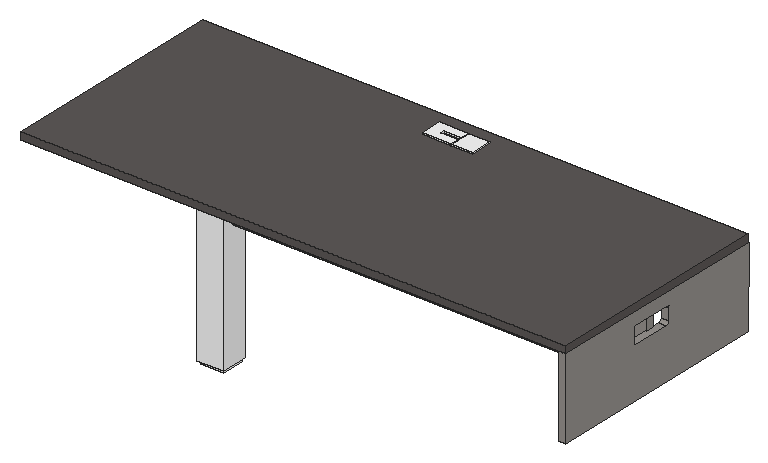
Revit family "Desk-Low_Secondary-Teknion-B_MPG-Run-Off_WS_with_End_Support-R2015", category Furniture, Revit 2015
Parameters (values of type "1" Thick")
  Worksurface Finish [instance] = Veneer - Teknion - VB - Flintwood - Black Walnut
  Width [instance] = 72.000"
  Warranty = "http://www.teknion.com/ca/papers/legal-canada"
  Unit Weight URL = "http://www.teknion.com/ca/tools/assets#&asset=bee6a381-b954-425e-8283-5a2de3a804f2,f828d448-4b62-4231-9e5f-9a8991c0ed77"
  URL = "www.teknion.com"
  Thickness = 1.026"
  Sustainability Data = "http://www.teknion.com/ca/tools/assets#&topic=216f99a5-57a0-44fc-b10a-9dee9b29ae4c&asset=444deb64-fe58-4b68-981e-f75e97781df7"
  Support Frame Finish [instance] = Mica - Teknion - V - Satin - Very White
  Series = "Expansion Casegoods"  # constant formula
  Product Page URL = "http://www.teknion.com/ca/products/product-details?productlineid=0053336e-8e7a-673b-a6c8-ff00004460c4"
  Product Line = "Expansion Casegoods"  # constant formula
  Product Documentation Link = "http://www.teknion.com/pricing/expansion-casegoods/pdfs/B_MPG_ppg.pdf"
  Part Number = "B_MPG"
  Note [instance] = "Available Depths are 24, 30, 36. Available widths range from 60 to 90 in 6 inch increments."  # constant formula
  Modesty Panel Finish [instance] = Source Laminate - Teknion - DE - Latte
  Model = "BDMPGQ__CNN"
  Manufacturer Phone = "416-661-3370"  # constant formula
  Manufacturer Fax = "416.661.4586"  # constant formula
  Manufacturer Contact Information = "http://www.teknion.com/ca/contactus"
  Manufacturer Address = "1150 Flint Road, Toronto, ON. M3J 2J5. Canada"  # constant formula
  Manufacturer = "Teknion"  # constant formula
  Height = 28.811"
  Has Left/Right Rectangular Grommet [instance] = no
  Has Central Square Post [instance] = yes
  Has End of Worksurface Rectangular Grommet [instance] = no
  Has Centered Rectangular Grommet [instance] = yes
  Grommet Finish [instance] = Mica - Teknion - V - Satin - Very White
  Description = "Run-Off Worksurface with End Support – Low Secondary Desk, 1\" Thick"
  Depth [instance] = 30.000"
  Configuration Note [instance] = "Please select one of the following."  # constant formula
  Assembly Code = "E2020200"
Types (3): name | Worksurface Finish | Width | Thickness | Modesty Panel Finish | Model | Has Left/Right Rectangular Grommet | Has End of Worksurface Rectangular Grommet | Description | Depth
  1-3/16" Thick | Source Laminate - Teknion - XS - Storm White | 72.000" | 1.18898" | Source Laminate - Teknion - XS - Storm White | "BMMPGQ__CNN" | no | no | "Run-Off Worksurface with End Support – Low Secondary Desk, 1-3/16\" Thick" | 36.000"
  1" Thick | Veneer - Teknion - VB - Flintwood - Black Walnut | 72.000" | 1.026" | Source Laminate - Teknion - DE - Latte | "BDMPGQ__CNN" | no | no | "Run-Off Worksurface with End Support – Low Secondary Desk, 1\" Thick" | 30.000"
  1-9/16" Thick | Source Laminate - Teknion - XS - Storm White | 90.000" | 1.555" | Source Laminate - Teknion - XS - Storm White | "BXMPGQ__CNN" | yes | yes | "Run-Off Worksurface with End Support – Low Secondary Desk, 1-9/16\" Thick" | 30.000"
Reference planes (in)
  plane 1 "Center Front/Back": y = 0
  plane 2: z = 0
  plane 3 "Center Left/Right": x = 6
  plane 4 "Left": x = -30
  plane 5 "Right": x = 42
  plane 6 "Back": y = 15
  plane 7 "Front": y = -15
  plane 8 "Top": z = 28.811
  plane 9: z = 27.785
  plane 10: z = 28.96848
  plane 11: y = 0.50787
  plane 12: y = -0.50787
  plane 13: x = -15.188
  plane 14: z = 27.411
  plane 15: z = 17.21415
  plane 16: x = 40.98425
  plane 17: z = 0.41339
  plane 18: y = 0.66487
Forms (in)
  Extrusion 1, solid, material "Veneer - Teknion - VB - Flintwood - Black Walnut" <- "Worksurface Finish"
    sketch origin (0, 0, 0) x (1, 0, 0) y (0, 1, 0)
      loop
        line (-30, 15) -> (-30, -15) -> (42, -15) -> (42, 15) -> (-30, 15)
    from 27.785 to 28.811
  Extrusion 2, solid, material "Mica - Teknion - V - Satin - Very White" <- "Grommet Finish", visible <- "Has End of Worksurface Rectangular Grommet"
    sketch origin (32.94172, -180, 28.96848) x (0, -1, 0) y (-1, 0, 0)
      loop
        line (-179.52107, -1.79064) -> (-181.79967, -1.79064) -> (-181.79967, -1.36529) -> (-179.52107, -1.36529) -> (-179.52107, -0.15594) -> (-183.32716, -0.15594) -> (-183.32716, -3) -> (-179.52107, -3) -> (-179.52107, -1.79064)
    from 0 to 0.15748
  Extrusion 3, solid, material "Mica - Teknion - V - Satin - Very White" <- "Grommet Finish", visible <- "Has End of Worksurface Rectangular Grommet"
    sketch origin (32.94172, -180, 28.96848) x (0, -1, 0) y (-1, 0, 0)
      loop
        line (-176.67284, -0.15594) -> (-179.52007, -0.15594) -> (-179.52007, -3) -> (-176.67284, -3) -> (-176.67284, -0.15594)
    from 0 to 0.15748
  Extrusion 4, solid, material "Source Laminate - Teknion - DE - Latte" <- "Modesty Panel Finish"
    sketch origin (32.94172, -180, 28.96848) x (0, -1, 0) y (-1, 0, 0)
      loop
        line (-180.50787, 48.12972) -> (-180.50787, -8.04253) -> (-179.49213, -8.04253) -> (-179.49213, 48.12972) -> (-180.50787, 48.12972)
    from 1.55748 to 11.75433
  Extrusion 5, solid, material "Source Laminate - Teknion - DE - Latte" <- "Modesty Panel Finish"
    sketch origin (6, 0, 0) x (0, 1, 0) y (0, 0, 1)
      loop
        line (15, 17.21415) -> (15, 27.785) -> (-15, 27.785) -> (-15, 17.21415) -> (15, 17.21415)
      loop
        line (1.96063, 24.28541) -> (1.96063, 25.82084)
        arc (1.96063, 25.82084) -> (1.83955, 26.11315) -> (1.54724, 26.23423) r 0.41339
        line (1.54724, 26.23423) -> (-3.5315, 26.23423)
        arc (-3.5315, 26.23423) -> (-3.8238, 26.11315) -> (-3.94488, 25.82084) r 0.41339
        line (-3.94488, 25.82084) -> (-3.94488, 24.28541)
        arc (-3.94488, 24.28541) -> (-3.8238, 23.9931) -> (-3.5315, 23.87202) r 0.41339
        line (-3.5315, 23.87202) -> (1.54724, 23.87202)
        arc (1.54724, 23.87202) -> (1.83955, 23.9931) -> (1.96063, 24.28541) r 0.41339
    from 34.98425 to 36
  Extrusion 6, solid, material "Mica - Teknion - V - Satin - Very White" <- "Support Frame Finish", visible <- "Has Central Square Post"
    sketch origin (32.94172, -180, 28.96848) x (0, -1, 0) y (-1, 0, 0)
      loop
        line (-183, 52.25672) -> (-183, 46.25672) -> (-177, 46.25672) -> (-177, 52.25672) -> (-183, 52.25672)
    from 1.18348 to 1.55748
  Extrusion 7, solid, material "Mica - Teknion - V - Satin - Very White" <- "Support Frame Finish", visible <- "Has Central Square Post"
    sketch origin (32.94172, -180, 28.96848) x (0, -1, 0) y (-1, 0, 0)
      loop
        line (-181.77151, 50.24076) -> (-181.77151, 46.69766) -> (-178.2285, 46.69766) -> (-178.2285, 50.24076) -> (-181.77151, 50.24076)
    from 1.55748 to 28.55509
  Extrusion 8, solid, material "Mica - Teknion - V - Satin - Very White" <- "Support Frame Finish", visible <- "Has Central Square Post"
    sketch origin (0, 0, 0) x (1, 0, 0) y (0, 1, 0)
      loop
        line (-17.02745, 1.5) -> (-17.02745, -1.5) -> (-14.02745, -1.5) -> (-14.02745, 1.5) -> (-17.02745, 1.5)
    from 0 to 0.41339
  Extrusion 9, solid, material "Mica - Teknion - V - Satin - Very White" <- "Grommet Finish", visible <- "Has Centered Rectangular Grommet"
    sketch origin (192, 10.27243, 28.96848) x (1, 0, 0) y (0, -1, 0)
      loop
        line (-185.52107, -1.79064) -> (-187.79967, -1.79064) -> (-187.79967, -1.36529) -> (-185.52107, -1.36529) -> (-185.52107, -0.15594) -> (-189.32716, -0.15594) -> (-189.32716, -3) -> (-185.52107, -3) -> (-185.52107, -1.79064)
    from 0 to 0.15748
  Extrusion 10, solid, material "Mica - Teknion - V - Satin - Very White" <- "Grommet Finish", visible <- "Has Centered Rectangular Grommet"
    sketch origin (192, 10.27243, 28.96848) x (1, 0, 0) y (0, -1, 0)
      loop
        line (-182.67284, -0.15594) -> (-185.52007, -0.15594) -> (-185.52007, -3) -> (-182.67284, -3) -> (-182.67284, -0.15594)
    from 0 to 0.15748
  Extrusion 11, solid, material "Mica - Teknion - V - Satin - Very White" <- "Grommet Finish", visible <- "Has Left/Right Rectangular Grommet"
    sketch origin (210, 4.76203, 28.96848) x (1, 0, 0) y (0, -1, 0)
      loop
        line (-185.52107, -1.79064) -> (-187.79967, -1.79064) -> (-187.79967, -1.36529) -> (-185.52107, -1.36529) -> (-185.52107, -0.15594) -> (-189.32716, -0.15594) -> (-189.32716, -3) -> (-185.52107, -3) -> (-185.52107, -1.79064)
    from 0 to 0.15748
  Extrusion 12, solid, material "Mica - Teknion - V - Satin - Very White" <- "Grommet Finish", visible <- "Has Left/Right Rectangular Grommet"
    sketch origin (210, 4.76203, 28.96848) x (1, 0, 0) y (0, -1, 0)
      loop
        line (-182.67284, -0.15594) -> (-185.52007, -0.15594) -> (-185.52007, -3) -> (-182.67284, -3) -> (-182.67284, -0.15594)
    from 0 to 0.15748
  Extrusion 13, solid, material "Mica - Teknion - V - Satin - Very White" <- "Grommet Finish", visible <- "Has Centered Rectangular Grommet"
    sketch origin (0, 0, 0) x (1, 0, 0) y (0, 0, 1)
      loop
        line (9.32716, 27.1968) -> (6.47993, 27.1968) -> (6.47993, 24.35273) -> (9.32716, 24.35273) -> (9.32716, 27.1968)
    from -0.66487 to -0.50787
  Extrusion 14, solid, material "Mica - Teknion - V - Satin - Very White" <- "Grommet Finish", visible <- "Has Centered Rectangular Grommet"
    sketch origin (0, 0, 0) x (1, 0, 0) y (0, 0, 1)
      loop
        line (6.47993, 25.98744) -> (6.47993, 27.1968) -> (2.67284, 27.1968) -> (2.67284, 24.35273) -> (6.47993, 24.35273) -> (6.47993, 25.56209) -> (4.20033, 25.56209) -> (4.20033, 25.98744) -> (6.47993, 25.98744)
    from -0.66487 to -0.50787
  Extrusion 15, solid, material "Mica - Teknion - V - Satin - Very White" <- "Grommet Finish", visible <- "Has Left/Right Rectangular Grommet"
    sketch origin (0, 0, 0) x (1, 0, 0) y (0, 0, 1)
      loop
        line (28.32716, 24.33065) -> (28.32716, 27.17471) -> (25.47993, 27.17471) -> (25.47993, 24.33065) -> (28.32716, 24.33065)
    from -0.66487 to -0.50787
  Extrusion 16, solid, material "Mica - Teknion - V - Satin - Very White" <- "Grommet Finish", visible <- "Has Left/Right Rectangular Grommet"
    sketch origin (0, 0, 0) x (1, 0, 0) y (0, 0, 1)
      loop
        line (25.47893, 25.96535) -> (25.47893, 27.17471) -> (21.67284, 27.17471) -> (21.67284, 24.33065) -> (25.47893, 24.33065) -> (25.47893, 25.54) -> (23.20033, 25.54) -> (23.20033, 25.96535) -> (25.47893, 25.96535)
    from -0.66487 to -0.50787
Lines and regions (in)
  Masking region 1
    outline origin (32.94172, -180, 28.96848) x (0, -1, 0) y (1, 0, 0)
      loop
        line (-195, -62.94172) -> (-165, -62.94172) -> (-165, 9.05828) -> (-195, 9.05828) -> (-195, -62.94172)
  symbolic lines, style "Hidden Lines", detail levels medium+fine
    curve 1: line (40.98425, 0.50787, 28.96848) -> (-15.188, 0.50787, 28.96848)
    curve 2: line (-15.188, 0.50787, 28.96848) -> (-15.188, -0.50787, 28.96848)
    curve 3: line (-15.188, -0.50787, 28.96848) -> (40.98425, -0.50787, 28.96848)
    curve 4: line (40.98425, -15, 28.96848) -> (40.98425, 15, 28.96848)
  symbolic lines, visible <- "Has End of Worksurface Rectangular Grommet"
    curve 5: line (35.94172, 3.32716, 28.96848) -> (33.09765, 3.32716, 28.96848)
    curve 6: line (33.09765, 3.32716, 28.96848) -> (33.09765, -0.47993, 28.96848)
    curve 7: line (34.30701, -0.47993, 28.96848) -> (34.30701, 1.79967, 28.96848)
    curve 8: line (34.30701, 1.79967, 28.96848) -> (34.73236, 1.79967, 28.96848)
    curve 9: line (34.73236, 1.79967, 28.96848) -> (34.73236, -0.47993, 28.96848)
    curve 10: line (35.94172, -0.47993, 28.96848) -> (35.94172, 3.32716, 28.96848)
    curve 11: line (33.09765, -3.32716, 28.96848) -> (35.94172, -3.32716, 28.96848)
    curve 12: line (35.94172, -3.32716, 28.96848) -> (35.94172, -0.47993, 28.96848)
    curve 13: line (35.94172, -0.47993, 28.96848) -> (33.09765, -0.47993, 28.96848)
    curve 14: line (33.09765, -0.47993, 28.96848) -> (33.09765, -3.32716, 28.96848)
  symbolic lines, style "Hidden Lines", detail levels fine
    curve 15: line (42, 1.96063, 28.96848) -> (40.98425, 1.96063, 28.96848)
    curve 16: line (42, -3.94488, 28.96848) -> (40.98425, -3.94488, 28.96848)
  symbolic lines, style "Hidden Lines", visible <- "Has Central Square Post", detail levels medium+fine
    curve 17: line (-19.315, 3, 28.96848) -> (-13.315, 3, 28.96848)
    curve 18: line (-13.315, -3, 28.96848) -> (-13.315, 3, 28.96848)
    curve 19: line (-19.315, -3, 28.96848) -> (-13.315, -3, 28.96848)
    curve 20: line (-19.315, -3, 28.96848) -> (-19.315, 3, 28.96848)
    curve 21: line (-17.29904, 1.77151, 28.96848) -> (-13.75595, 1.77151, 28.96848)
    curve 22: line (-17.29904, -1.7715, 28.96848) -> (-17.29904, 1.77151, 28.96848)
    curve 23: line (-13.75595, -1.7715, 28.96848) -> (-17.29904, -1.7715, 28.96848)
    curve 24: line (-13.75595, 1.77151, 28.96848) -> (-13.75595, -1.7715, 28.96848)
  symbolic lines, visible <- "Has Centered Rectangular Grommet"
    curve 25: line (2.67284, 13.27243, 28.96848) -> (2.67284, 10.42836, 28.96848)
    curve 26: line (2.67284, 10.42836, 28.96848) -> (6.47993, 10.42836, 28.96848)
    curve 27: line (6.47993, 11.63772, 28.96848) -> (4.20033, 11.63772, 28.96848)
    curve 28: line (4.20033, 11.63772, 28.96848) -> (4.20033, 12.06307, 28.96848)
    curve 29: line (4.20033, 12.06307, 28.96848) -> (6.47993, 12.06307, 28.96848)
    curve 30: line (6.47993, 13.27243, 28.96848) -> (2.67284, 13.27243, 28.96848)
    curve 31: line (9.32716, 10.42836, 28.96848) -> (9.32716, 13.27243, 28.96848)
    curve 32: line (9.32716, 13.27243, 28.96848) -> (6.47993, 13.27243, 28.96848)
    curve 33: line (6.47993, 13.27243, 28.96848) -> (6.47993, 10.42836, 28.96848)
    curve 34: line (6.47993, 10.42836, 28.96848) -> (9.32716, 10.42836, 28.96848)
  symbolic lines, visible <- "Has Left/Right Rectangular Grommet"
    curve 35: line (20.67284, 7.76203, 28.96848) -> (20.67284, 4.91797, 28.96848)
    curve 36: line (20.67284, 4.91797, 28.96848) -> (24.47993, 4.91797, 28.96848)
    curve 37: line (24.47993, 6.12733, 28.96848) -> (22.20033, 6.12733, 28.96848)
    curve 38: line (22.20033, 6.12733, 28.96848) -> (22.20033, 6.55267, 28.96848)
    curve 39: line (22.20033, 6.55267, 28.96848) -> (24.47993, 6.55267, 28.96848)
    curve 40: line (24.47993, 7.76203, 28.96848) -> (20.67284, 7.76203, 28.96848)
    curve 41: line (27.32716, 4.91797, 28.96848) -> (27.32716, 7.76203, 28.96848)
    curve 42: line (27.32716, 7.76203, 28.96848) -> (24.47993, 7.76203, 28.96848)
    curve 43: line (24.47993, 7.76203, 28.96848) -> (24.47993, 4.91797, 28.96848)
    curve 44: line (24.47993, 4.91797, 28.96848) -> (27.32716, 4.91797, 28.96848)
  reference lines, not visible
    curve 45: line (-30, 15, 0) -> (42, 15, 0)
    curve 46: line (-30, 15, 0) -> (-30, -15, 0)
    curve 47: line (-30, -15, 0) -> (42, -15, 0)
    curve 48: line (42, 15, 0) -> (42, -15, 0)
Dimensions and locks (in)
  "Width": plane 4 "Left" to plane 5 "Right"
  "Depth": plane 6 "Back" to plane 7 "Front"
  "Height": plane 8 "Top" to level
  equal spacing: plane 4 "Left", plane 3 "Center Left/Right", plane 5 "Right"
  equal spacing: plane 7 "Front", plane 1 "Center Front/Back", plane 6 "Back"
  locked: plane 10 to plane 8 "Top" at 0.15748
  Extrusion 2 sketch curve to Extrusion 2 sketch curve to Extrusion 2 sketch curve to Extrusion 2 sketch curve to plane 5 "Right" = 1.20936" locked, 0.42535" locked, 1.20936" locked, 6.05828" locked
  Extrusion 2 sketch curve to Extrusion 2 sketch curve to plane 1 "Center Front/Back" to Extrusion 2 sketch curve to Extrusion 2 sketch curve = 0.000" locked, 0.47893" locked, 1.79967" locked, 1.52748" locked
  Extrusion 3 sketch curve to Extrusion 3 sketch curve to plane 1 "Center Front/Back" = 2.84723" locked, 0.47993" locked
  Extrusion 3 sketch curve to Extrusion 3 sketch curve to plane 5 "Right" = 2.84406" locked, 6.05828" locked
  plane 12 to plane 1 "Center Front/Back" to plane 11 = 0.50787" locked, 0.50787" locked
  locked: plane 14 to plane 15 at 10.19685
  locked: plane 5 "Right" to plane 16 at 1.01575
  locked: plane 4 "Left" to plane 13 at 14.812
  Extrusion 5 sketch curve to Extrusion 5 sketch curve to Extrusion 5 sketch curve to Extrusion 5 sketch curve to Extrusion 5 sketch curve to Extrusion 5 sketch curve = 0.41339" locked, 0.000" locked, 5.07874" locked, 0.000" locked, 0.41339" locked
  plane 8 "Top" to Extrusion 5 sketch curve to Extrusion 5 sketch curve to Extrusion 5 sketch curve to Extrusion 5 sketch curve to Extrusion 5 sketch curve to Extrusion 5 sketch curve = 2.57677" locked, 0.41339" locked, 0.000" locked, 1.53543" locked, 0.000" locked, 0.41339" locked
  "Thickness": plane 8 "Top" to plane 9
  curve 15 to plane 1 "Center Front/Back" to curve 16 = 1.96063" locked, 3.94488" locked
  locked: plane 4 "Left" to curve 20 at 10.685
  curve 20 to curve 22 to curve 24 to curve 18 = 2.01596" locked, 3.5431" locked, 0.44094" locked
  curve 19 to curve 23 to plane 1 "Center Front/Back" to curve 21 to curve 17 = 1.2285" locked, 1.7715" locked, 1.77151" locked, 1.22849" locked
  locked: plane 9 to plane 14 at 0.374
  locked: plane 17 to plane 2 at 0.41339
  Extrusion 6 sketch curve to plane 1 "Center Front/Back" to Extrusion 6 sketch curve = 3.000" locked, 3.000" locked
  plane 4 "Left" to Extrusion 6 sketch curve to Extrusion 6 sketch curve = 10.685" locked, 6.000" locked
  Extrusion 7 sketch curve to plane 1 "Center Front/Back" to Extrusion 7 sketch curve = 1.7715" locked, 1.77151" locked
  plane 4 "Left" to Extrusion 7 sketch curve to Extrusion 7 sketch curve = 12.70096" locked, 3.5431" locked
  plane 4 "Left" to Extrusion 8 sketch curve to Extrusion 8 sketch curve = 12.97255" locked, 3.000" locked
  Extrusion 8 sketch curve to plane 1 "Center Front/Back" to Extrusion 8 sketch curve = 1.500" locked, 1.500" locked
  Extrusion 9 sketch curve to Extrusion 9 sketch curve to Extrusion 9 sketch curve to Extrusion 9 sketch curve to plane 6 "Back" = 1.20936" locked, 0.42535" locked, 1.20936" locked, 1.72757" locked
  Extrusion 9 sketch curve to Extrusion 9 sketch curve to plane 3 "Center Left/Right" to Extrusion 9 sketch curve to Extrusion 9 sketch curve = 0.000" locked, 0.47893" locked, 1.79967" locked, 1.52748" locked
  Extrusion 10 sketch curve to Extrusion 10 sketch curve to plane 3 "Center Left/Right" = 2.84723" locked, 0.47993" locked
  Extrusion 10 sketch curve to Extrusion 10 sketch curve to plane 6 "Back" = 2.84406" locked, 1.72757" locked
  Extrusion 11 sketch curve to Extrusion 11 sketch curve to Extrusion 11 sketch curve to Extrusion 11 sketch curve to plane 6 "Back" = 1.20936" locked, 0.42535" locked, 1.20936" locked, 7.23797" locked
  plane 5 "Right" to Extrusion 11 sketch curve to Extrusion 11 sketch curve to Extrusion 11 sketch curve to Extrusion 11 sketch curve = 17.52107" locked, 0.000" locked, 2.2786" locked, 1.52748" locked
  plane 5 "Right" to Extrusion 12 sketch curve to Extrusion 12 sketch curve = 14.67284" locked, 2.84723" locked
  Extrusion 12 sketch curve to Extrusion 12 sketch curve to plane 6 "Back" = 2.84406" locked, 7.23797" locked
  Extrusion 14 sketch curve to Extrusion 14 sketch curve to Extrusion 14 sketch curve to Extrusion 14 sketch curve to plane 9 = 1.20936" locked, 0.42535" locked, 1.20936" locked, 0.5882" locked
  Extrusion 14 sketch curve to Extrusion 14 sketch curve to plane 3 "Center Left/Right" to Extrusion 14 sketch curve to Extrusion 14 sketch curve = 0.000" locked, 0.47993" locked, 1.79967" locked, 1.52748" locked
  Extrusion 13 sketch curve to Extrusion 14 to plane 3 "Center Left/Right" = 2.84723" locked, 0.47993" locked
  Extrusion 13 sketch curve to Extrusion 13 sketch curve to plane 14 = 2.84406" locked, 0.2142" locked
  locked: plane 18 to plane 11 at 0.157
  Extrusion 15 sketch curve to Extrusion 15 sketch curve to plane 5 "Right" = 2.84723" locked, 13.67284" locked
  Extrusion 15 sketch curve to Extrusion 15 sketch curve to plane 9 = 2.84406" locked, 0.61029" locked
  Extrusion 16 sketch curve to Extrusion 16 sketch curve to Extrusion 16 sketch curve to Extrusion 16 sketch curve to plane 5 "Right" = 1.52748" locked, 2.2786" locked, 0.000" locked, 16.52107" locked
  Extrusion 16 sketch curve to Extrusion 16 sketch curve to Extrusion 16 sketch curve to Extrusion 16 sketch curve to plane 9 = 1.20936" locked, 0.42535" locked, 1.20936" locked, 0.61029" locked
  aligned and locked: level to plane 2
  aligned and locked: Extrusion 1 sketch curve to plane 4 "Left"
  aligned and locked: Extrusion 1 sketch curve to plane 6 "Back"
  aligned and locked: Extrusion 1 sketch curve to plane 5 "Right"
  aligned and locked: Extrusion 1 sketch curve to plane 7 "Front"
  aligned and locked: Extrusion 1 to plane 8 "Top"
  aligned and locked: Extrusion 1 to plane 9
  aligned and locked: plane 13 to Extrusion 4 sketch curve
  aligned and locked: plane 11 to Extrusion 4 sketch curve
  aligned and locked: plane 12 to Extrusion 4 sketch curve
  aligned and locked: Extrusion 3 to plane 8 "Top"
  aligned and locked: Extrusion 2 to plane 8 "Top"
  aligned and locked: Extrusion 3 to plane 10
  aligned and locked: Extrusion 2 to plane 10
  aligned and locked: plane 16 to Extrusion 4
  aligned and locked: Extrusion 4 to plane 15
  aligned and locked: Extrusion 4 to plane 14
  aligned and locked: plane 6 "Back" to Extrusion 5 sketch curve
  aligned and locked: plane 15 to Extrusion 5 sketch curve
  aligned and locked: Extrusion 5 sketch curve to plane 7 "Front"
  aligned and locked: plane 9 to Extrusion 5 sketch curve
  aligned and locked: plane 16 to Extrusion 5
  aligned and locked: Extrusion 5 to plane 5 "Right"
  aligned and locked: Masking region 1 sketch curve to plane 6 "Back"
  aligned and locked: Masking region 1 sketch curve to plane 4 "Left"
  aligned and locked: Masking region 1 sketch curve to plane 7 "Front"
  aligned and locked: Masking region 1 sketch curve to plane 5 "Right"
  aligned and locked: curve 1 to Extrusion 4
  aligned and locked: curve 2 to Extrusion 4
  aligned and locked: curve 3 to Extrusion 4
  aligned and locked: curve 5 to Extrusion 2
  aligned and locked: curve 6 to Extrusion 2
  aligned and locked: curve 7 to Extrusion 2
  aligned and locked: curve 8 to Extrusion 2
  aligned and locked: curve 9 to Extrusion 2
  aligned and locked: curve 10 to Extrusion 2
  aligned and locked: curve 11 to Extrusion 3
  aligned and locked: curve 12 to Extrusion 3
  aligned and locked: curve 13 to Extrusion 3
  aligned and locked: curve 14 to Extrusion 3
  aligned and locked: plane 9 to Extrusion 6
  aligned and locked: plane 14 to Extrusion 7
  aligned and locked: plane 17 to Extrusion 7
  aligned and locked: Extrusion 6 to plane 14
  aligned and locked: Extrusion 6 to plane 9
  aligned and locked: Extrusion 8 to plane 2
  aligned and locked: Extrusion 8 to plane 17
  aligned and locked: curve 25 to Extrusion 9
  aligned and locked: curve 26 to Extrusion 9
  aligned and locked: curve 27 to Extrusion 9
  aligned and locked: curve 28 to Extrusion 9
  aligned and locked: curve 29 to Extrusion 9
  aligned and locked: curve 30 to Extrusion 9
  aligned and locked: curve 31 to Extrusion 10
  aligned and locked: curve 32 to Extrusion 10
  aligned and locked: curve 33 to Extrusion 10
  aligned and locked: curve 34 to Extrusion 10
  aligned and locked: curve 35 to Extrusion 11
  aligned and locked: curve 36 to Extrusion 11
  aligned and locked: curve 37 to Extrusion 11
  aligned and locked: curve 38 to Extrusion 11
  aligned and locked: curve 39 to Extrusion 11
  aligned and locked: curve 40 to Extrusion 11
  aligned and locked: curve 41 to Extrusion 12
  aligned and locked: curve 42 to Extrusion 12
  aligned and locked: curve 43 to Extrusion 12
  aligned and locked: curve 44 to Extrusion 12
  aligned and locked: Extrusion 14 to plane 11
  aligned and locked: Extrusion 13 to plane 11
  aligned and locked: Extrusion 14 to plane 18
  aligned and locked: Extrusion 13 to plane 18
  aligned and locked: Extrusion 15 to plane 18
  aligned and locked: Extrusion 15 to plane 11
  aligned and locked: Extrusion 16 to plane 18
  aligned and locked: Extrusion 16 to plane 11
  aligned and locked: curve 45 to plane 6 "Back"
  aligned and locked: curve 46 to plane 4 "Left"
  aligned and locked: curve 47 to plane 7 "Front"
  aligned and locked: curve 48 to plane 5 "Right"
Automatic sketch dimensions
  plane 11 to Extrusion 5 sketch curve = 1.03937"
  Extrusion 4 sketch curve to plane 16 = 0.000"
  plane 6 "Back" to curve 4 = 0.000"
  plane 7 "Front" to curve 4 = 0.000"
  curve 15 to plane 16 = 0.000"
  curve 16 to plane 5 "Right" = 0.000"
  curve 15 to plane 5 "Right" = 0.000"
  plane 3 "Center Left/Right" to Extrusion 13 sketch curve = 0.47993"
